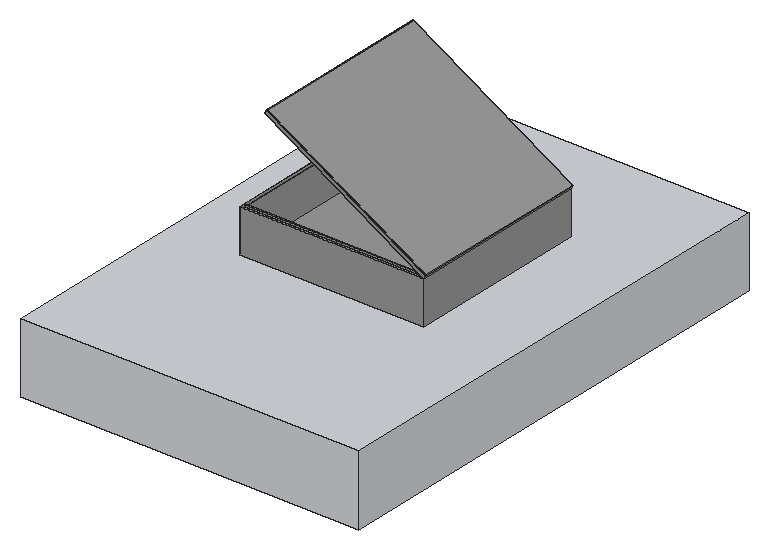
Revit family "Hager-Univers-IP44-D205-H800-Cl.II-Encl-FR-fr", category Equipement électrique, Revit 2020
Family settings
  Hôte = Face
  Configuration du panneau = Deux colonnes, circuits au sein
  Cote de connecteur circulaire = Utiliser le diamètre
  Type d'élément = Tableau de raccordement
  Couper avec des vides une fois chargée = Non
  Partagée = Non
  Point de calcul de pièce = Non
Parameters (values of type "saillie IP44 L800 H800 P205  - FP53QS")
  Width Control [instance] = if([EF000008 - largeur] > Min Width, [EF000008 - largeur], Min Width)  # 800 mm
  Commentaires du type = [HG000003 - Gamme]  # "Univers"
  Thickness Door [instance] = if([EF009171 - épaisseur de matériau de la porte/du couvercle] > 3 mm, 3 mm, [EF009171 - épaisseur de matériau de la porte/du couvercle])  # 1 mm
  Seal Frame Offset [instance] = 17 mm  # constant formula
  Plinth Visibility [instance] = [HG000027 - Hauteur du socle] > 0 mm  # no
  Model = ""
  Min Width [instance] = 100 mm  # constant formula
  Min Height [instance] = 100 mm  # constant formula
  Min Depth [instance] = (2 * [EF009170 - épaisseur de matériau du boîtier]) + 1 mm  # 3 mm
  Internal Frame Depth [instance] = (Door System Depth * 0.5)  # 9 mm
  Height Control [instance] = if([EF000040 - hauteur] > Min Height, [EF000040 - hauteur], Min Height)  # 800 mm
  HG000027 - Hauteur du socle = 0 mm
  HG000026 - Installation au sol = no
  HG000024 - Hauteur de la section basse = 800 mm
  HG000023 - Armoire double section = no
  HG000016 - Visibilité de la porte 3D [instance] = yes
  HG000015 - Visibilité de l'emprise de la porte [instance] = no
  HG000014 - Porte à droite [instance] = yes
  HG000013 - Porte à gauche [instance] = not([HG000014 - Porte à droite])  # no
  HG000012 - Angle de pivotement de la porte [instance] = 30.00°
  HG000010 - Portes asymétriques = no
  HG000009 - Porte à double battant = no
  HG000006 - Encastré = no
  HG000004 - Référence fabricant = "FP53QS"
  HG000003 - Gamme = "Univers"
  HG000002 - avec porte = yes
  Frame Offset Bottom [instance] = 10 mm  # constant formula
  Frame Offset [instance] = 15 mm  # constant formula
  EF015940 - couvercle avec décharge de pression = no
  EF011959 - degré de protection (NEMA) = ""
  EF009554 - nombre d'ouvertures pour plaques à bride = 6
  Fabricant = "Hager"  # constant formula
  EF009212 - finition du couvercle = "EV000116 - fermé"
  EF009171 - épaisseur de matériau de la porte/du couvercle = 1 mm
  EF009170 - épaisseur de matériau du boîtier = 1 mm
  EF008873 - courant nominal (In) = 250 A
  EF007800 - adapté à un parafoudre = no
  EF006306 - avec serrure = no
  EF006244 - couvercle/porte transparent(e) = no
  EF005474 - indice de protection (IP) = "EV006418 - IP44"
  EF004464 - type de porte = "EV002646 - unique"
  EF004427 - nombre de modules = 180
  EF004293 - indice de protection contre les chocs (IK) = "EV006815 - IK09"
  EF003532 - convient pour utilisation à l’extérieur = no
  EF002950 - largeur en nombre de modules = 36
  EF001613 - maintien de fonction = "EV000494 - sans"
  EF001596 - matériau du boîtier/corps = "EV000179 - acier"
  EF001131 - profondeur intérieure = 143 mm
  EF001088 - possibilité de montage en saillie = yes
  EF000437 - nombre d'entrées de conduit = 6
  EF000339 - type de capot = "EV001012 - couvercle"
  EF000266 - nombre de rangées = 5
  EF000218 - profondeur d'encastrement = 0 mm
  EF000118 - avec cadre/support de montage = no
  EF000116 - numéro RAL = "9010"
  EF000049 - profondeur = 205 mm
  EF000040 - hauteur = 800 mm
  EF000008 - largeur = 800 mm
  EF000007 - couleur = "EV000202 - blanc"
  EF000003 - mode de pose = "EV000384 - saillie"
  Door System Leaf Tolerance [instance] = 1.5 mm  # constant formula
  Door System Depth [instance] = 18 mm  # constant formula
  Door Height [instance] = Height Control - [HG000027 - Hauteur du socle]  # 800 mm
  Depth Control [instance] = if([EF000049 - profondeur] > Min Depth, [EF000049 - profondeur], Min Depth)  # 205 mm
  Default Elevation = 0 mm
  Connector Offset [instance] = Height Control / 2  # 400 mm
  Bottom Top Plate Trim [instance] = 1.5 mm  # constant formula
  Plinth height Ctrl [instance] = if([HG000027 - Hauteur du socle] > 0 mm, [HG000027 - Hauteur du socle], 12 mm)  # 12 mm
Types (3, lengths in mm): name | Width Control | HG000004 - Référence fabricant | EF009554 - nombre d'ouvertures pour plaques à bride | EF004427 - nombre de modules | EF002950 - largeur en nombre de modules | EF000437 - nombre d'entrées de conduit | EF000008 - largeur
  saillie IP44 L300 H800 P205  - FP51QS | 300 | "FP51QS" | 2 | 60 | 12 | 2 | 300
  saillie IP44 L550 H800 P205  - FP52QS | 550 | "FP52QS" | 4 | 120 | 24 | 4 | 550
  saillie IP44 L800 H800 P205  - FP53QS | 800 | "FP53QS" | 6 | 180 | 36 | 6 | 800
Reference planes
  plane 1 "Center (Front/Back)": y = 0
  plane 2: z = 0
  plane 3 "Center (Left/Right)": x = 0
  plane 4: z = 205
  plane 5: y = 1
  plane 6: y = 400
  plane 7: y = 0
  plane 8: y = 800
  plane 9: z = 0
  plane 10: x = -385
  plane 11: x = 385
  plane 12: x = 384
  plane 13: x = -384
  plane 14: y = 799
  plane 15: x = -383
  plane 16: x = -400
  plane 17: x = 383
  plane 18: x = 400
  plane 19: x = 399
  plane 20: x = -399
  plane 21: y = 11
  plane 22: y = 800
  plane 23: y = 784
  plane 24: z = 187
  plane 25: z = 1
  plane 26: z = 186
  plane 27: z = 204
Forms (mm)
  Extrusion 1, solid
    sketch origin (0, 0, 0) x (1, 0, 0) y (0, 1, 0)
      loop
        line (-702.964, 1305) -> (-702.964, -811.445) -> (766.763, -811.445) -> (766.763, 1305) -> (-702.964, 1305)
    from 0 to -304.8
  Extrusion 2, solid, material "Hager_Steel_RAL7035_Light_Grey", visible <- "Plinth Visibility", detail levels medium+fine
    sketch origin (0, 0, 0) x (1, 0, 0) y (0, 1, 0)
      loop
        line (-400, 0) -> (400, 0) -> (400, 12) -> (-400, 12) -> (-400, 0)
    from 0 to 187
  Extrusion 3, solid, material "Hager_Steel_RAL7035_Light_Grey", detail levels medium+fine
    sketch origin (0, 0, 0) x (1, 0, 0) y (0, 1, 0)
      loop
        line (-400, 0) -> (400, 0) -> (400, 800) -> (-400, 800) -> (-400, 0)
    from 0 to 187
  Extrusion 4, void
    sketch origin (0, 0, 0) x (1, 0, 0) y (0, 1, 0)
      loop
        line (-399, 1) -> (399, 1) -> (399, 799) -> (-399, 799) -> (-399, 1)
    from 1 to 186
  Extrusion 5, void
    sketch origin (-381.607, -4572, 187) x (0, -1, 0) y (-1, 0, 0)
      loop
        line (-4583, 2.393) -> (-5356, 2.393) -> (-5356, -765.607) -> (-4583, -765.607) -> (-4583, 2.393)
    from 0 to 1 <- "EF009170 - épaisseur de matériau du boîtier"
  Extrusion 6, solid, material "Hager_Steel_RAL7035_Light_Grey", detail levels fine
    sketch origin (0, 0, 187) x (1, 0, 0) y (0, 1, 0)
      loop
        line (-384, 784) -> (-384, 11) -> (384, 11) -> (384, 784) -> (-384, 784)
      loop
        line (-385, 10) -> (385, 10) -> (385, 785) -> (-385, 785) -> (-385, 10)
    from 0 to 9 <- "Internal Frame Depth"
  Extrusion 7, solid, material "Hager_Steel_RAL7035_Light_Grey", detail levels coarse
    sketch origin (0, 0, 0) x (1, 0, 0) y (0, 1, 0)
      loop
        line (-400, 0) -> (400, 0) -> (400, 800) -> (-400, 800) -> (-400, 0)
    from 0 to 205
  Sweep 8, void
    path in 3D
      loop
        line (-400, 12, 0) -> (400, 12, 0) -> (400, 12, 187) -> (-400, 12, 187) -> (-400, 12, 0)
    profile origin (-400, 12, 93.5) x (-1, 0, 0) y (0, -1, 0)
      loop
        line (0, 0) -> (0, 1.5) -> (-1.5, 1.5)
        arc (-1.5, 1.5) -> (-1.061, 0.439) -> (0, 0) r 1.5
Cuts and joins
  Extrusion 4, Extrusion 5 cuts Extrusion 3
  Sweep 8 cuts Extrusion 2
Lines and regions (mm)
  Masking region 1
    outline origin (0, 0, 0) x (1, 0, 0) y (0, 0, 1)
      loop
        line (-400, 205) -> (-400, 0) -> (400, 0) -> (400, 205) -> (-400, 205)
  Masking region 2, detail levels medium+fine
    outline origin (0, 140, 0) x (0, 1, 0) y (0, 0, 1)
      loop
        line (-140, 0) -> (660, 0) -> (660, 187) -> (-140, 187) -> (-140, 0)
  Masking region 3, not visible, detail levels medium+fine
    outline origin (0, 297.922, 0) x (0, 1, 0) y (0, 0, 1)
      loop
        line (113.578, 0) -> (153.578, 0) -> (153.578, 194)
        arc (153.578, 194) -> (150.649, 201.071) -> (143.578, 204) r 10
        line (143.578, 204) -> (113.578, 204) -> (113.578, 0)
  Masking region 4, detail levels coarse
    outline origin (0, 0, 180) x (0, 1, 0) y (0, 0, 1)
      loop
        line (0, -180) -> (800, -180) -> (800, 25) -> (0, 25) -> (0, -180)
  Masking region 5, visible <- "Plinth Visibility", detail levels medium+fine
    outline origin (0, 52.24, 12.345) x (0, 0, -1) y (0, 1, 0)
      loop
        line (10.845, -40.24) -> (-173.155, -40.24)
        arc (-173.155, -40.24) -> (-173.594, -41.301) -> (-174.655, -41.74) r 1.5
        line (-174.655, -41.74) -> (-174.655, -52.24) -> (12.345, -52.24) -> (12.345, -41.74)
        arc (12.345, -41.74) -> (11.285, -41.301) -> (10.845, -40.24) r 1.5
  Masking region 6, detail levels medium+fine
    outline origin (-381.607, -4572, 187) x (-1, 0, 0) y (0, -1, 0)
      loop
        line (18.393, -5372) -> (18.393, -4572) -> (-781.607, -4572) -> (-781.607, -5372) -> (18.393, -5372)
  Masking region 7, visible <- "Plinth Visibility", detail levels medium+fine
    outline origin (-381.607, -4727, 187) x (-1, 0, 0) y (0, -1, 0)
      loop
        arc (16.893, -4739) -> (17.332, -4737.939) -> (18.393, -4737.5) r 1.5
        line (18.393, -4737.5) -> (18.393, -4727) -> (-781.607, -4727) -> (-781.607, -4737.5)
        arc (-781.607, -4737.5) -> (-780.546, -4737.939) -> (-780.107, -4739) r 1.5
        line (-780.107, -4739) -> (16.893, -4739)
  Masking region 8, detail levels coarse
    outline origin (-442.548, -4669.526, 187) x (-1, 0, 0) y (0, -1, 0)
      loop
        line (-42.548, -5469.526) -> (-42.548, -4669.526) -> (-842.548, -4669.526) -> (-842.548, -5469.526) -> (-42.548, -5469.526)
  sketch lines
    curve 1: line (-400, 12, 187) -> (-400, 12, 0)
    curve 2: line (400, 12, 187) -> (-400, 12, 187)
    curve 3: line (400, 12, 187) -> (400, 12, 0)
    curve 4: line (-400, 12, 0) -> (400, 12, 0)
Dimensions and locks
  "Depth Control": plane 4 to Extrusion 1
  "HG000027 - Hauteur du socle": plane 1 "Center (Front/Back)" to plane 7
  "EF009170 - épaisseur de matériau du boîtier": plane 5 to plane 7
  locked: connector elem to plane 3 "Center (Left/Right)"
  equal spacing: plane 8, plane 6, plane 7
  locked: connector elem to plane 6
  "EF009170 - épaisseur de matériau du boîtier": plane 8 to plane 14
  "EF009170 - épaisseur de matériau du boîtier": plane 10 to plane 13
  "EF009170 - épaisseur de matériau du boîtier": plane 12 to plane 11
  "Frame Offset": plane 20 to plane 13
  "Frame Offset": plane 12 to plane 19
  "EF009170 - épaisseur de matériau du boîtier": plane 16 to plane 20
  "EF009170 - épaisseur de matériau du boîtier": plane 19 to plane 18
  "Seal Frame Offset": plane 16 to plane 15
  "Seal Frame Offset": plane 17 to plane 18
  "Frame Offset Bottom": plane 21 to plane 5
  "Frame Offset": plane 14 to plane 23
  equal spacing: plane 16, plane 3 "Center (Left/Right)", plane 18
  "Width Control": plane 16 to plane 18
  "EF009170 - épaisseur de matériau du boîtier": plane 4 to plane 27
  "EF009170 - épaisseur de matériau du boîtier": plane 24 to plane 26
  "EF009170 - épaisseur de matériau du boîtier": plane 25 to level
  "Door System Depth": plane 4 to plane 24
  "Height Control": plane 1 "Center (Front/Back)" to Extrusion 7 sketch curve
  "Height Control": Masking region 4 sketch curve to plane 1 "Center (Front/Back)"
  "Height Control": plane 1 "Center (Front/Back)" to plane 22
  "Bottom Top Plate Trim": profile plane to Sweep 8 sketch curve
  "Bottom Top Plate Trim": Sweep 8 sketch curve to profile plane
  "Plinth height Ctrl": plane 1 "Center (Front/Back)" to Extrusion 2 sketch curve
  "Plinth height Ctrl": Masking region 5 sketch curve to plane 1 "Center (Front/Back)"
  "Plinth height Ctrl": plane 1 "Center (Front/Back)" to Masking region 7 sketch curve
  "Thickness Door": Extrusion 6 sketch curve to Extrusion 6 sketch curve  (x3)
  "Thickness Door": cut or joined group of Extrusion 3, Extrusion 4, Extrusion 5 to Extrusion 6 sketch curve
  radius of Masking region 3 sketch curve = 10 mm
  "Bottom Top Plate Trim": radius of Masking region 5 sketch curve  (x2)
  "Bottom Top Plate Trim": radius of Sweep 8 sketch curve
  "Bottom Top Plate Trim": radius of Masking region 7 sketch curve  (x2)
  aligned and locked: plane 2 to Extrusion 1
  aligned and locked: level to Extrusion 1
  aligned and locked: level to Masking region 1 sketch curve
  aligned and locked: Masking region 1 sketch curve to plane 18
  aligned and locked: Masking region 1 sketch curve to plane 16
  aligned and locked: plane 7 to Masking region 2 sketch curve
  aligned and locked: level to Masking region 3 sketch curve
  aligned and locked: Masking region 3 sketch curve to plane 27
  aligned and locked: level to Masking region 2 sketch curve
  aligned and locked: plane 1 "Center (Front/Back)" to Extrusion 2 sketch curve
  aligned and locked: Extrusion 3 sketch curve to plane 7
  aligned and locked: plane 16 to Extrusion 3 sketch curve
  aligned and locked: plane 18 to Extrusion 3 sketch curve
  aligned and locked: plane 20 to Extrusion 4 sketch curve
  aligned and locked: plane 19 to Extrusion 4 sketch curve
  aligned and locked: Extrusion 4 sketch curve to plane 5
  aligned and locked: Extrusion 4 to plane 25
  aligned and locked: plane 26 to Extrusion 4
  aligned and locked: plane 24 to Extrusion 3
  aligned and locked: Extrusion 5 sketch curve to plane 21
  aligned and locked: Extrusion 5 sketch curve to plane 13
  aligned and locked: Extrusion 5 sketch curve to plane 12
  aligned and locked: plane 18 to Extrusion 7 sketch curve
  aligned and locked: plane 1 "Center (Front/Back)" to Extrusion 7 sketch curve
  aligned and locked: plane 16 to Extrusion 7 sketch curve
  aligned and locked: plane 4 to Extrusion 7
  aligned and locked: Extrusion 7 to level
  aligned and locked: level to Masking region 4 sketch curve
  aligned and locked: Masking region 4 sketch curve to plane 1 "Center (Front/Back)"
  aligned and locked: Masking region 4 sketch curve to plane 4
  aligned and locked: nested 1 to level
  aligned and locked: nested 1 to plane 16
  aligned and locked: plane 8 to Extrusion 3 sketch curve
  aligned and locked: plane 23 to Extrusion 5 sketch curve
  aligned and locked: plane 14 to Extrusion 4 sketch curve
  aligned and locked: Masking region 2 sketch curve to plane 8
  aligned and locked: level to Masking region 5 sketch curve
  aligned and locked: plane 16 to Extrusion 2 sketch curve
  aligned and locked: plane 18 to Extrusion 2 sketch curve
  aligned and locked: Masking region 5 sketch curve to plane 24
  aligned and locked: Masking region 2 sketch curve to plane 24
  aligned and locked: plane 24 to Extrusion 2
  aligned and locked: profile plane to Sweep 8 sketch curve  (x2)
  aligned and locked: Masking region 6 sketch curve to plane 18
  aligned and locked: Masking region 6 sketch curve to plane 22
  aligned and locked: Masking region 6 sketch curve to plane 16
  aligned and locked: plane 8 to plane 22
  aligned and locked: Masking region 6 sketch curve to plane 7
  aligned and locked: Masking region 7 sketch curve to plane 16
  aligned and locked: Masking region 7 sketch curve to plane 1 "Center (Front/Back)"
  aligned and locked: Masking region 7 sketch curve to plane 18
  aligned and locked: Masking region 8 sketch curve to plane 1 "Center (Front/Back)"
  aligned and locked: Masking region 8 sketch curve to plane 18
  aligned and locked: Masking region 8 sketch curve to plane 22
  aligned and locked: Masking region 8 sketch curve to plane 16
  aligned and locked: nested 2 to plane 7
  aligned and locked: plane 3 "Center (Left/Right)" to nested 2
  aligned and locked: nested 2 to plane 24
  aligned and locked: Extrusion 6 sketch curve to cut or joined group of Extrusion 3, Extrusion 4, Extrusion 5  (x4)
Automatic sketch dimensions
  Extrusion 1 sketch curve to Extrusion 1 sketch curve = 1469.727 mm
  Extrusion 1 sketch curve to Extrusion 1 sketch curve = 2116.445 mm
  Masking region 1 sketch curve to plane 4 = 0 mm
  plane 6 to Masking region 3 sketch curve = 11.5 mm
  Masking region 3 sketch curve to Masking region 3 sketch curve = 30 mm
  Masking region 5 sketch curve to plane 1 "Center (Front/Back)" = 0 mm
Nested families
  nested 1: "Hager_Enclosure_Symbol" at (-400, 0, 0) x (1, 0, 0) z (0, -1, 0), Height <- "Depth Control", Width <- "Width Control", type "Hager_Enclosure_Symbol"
    with Width_Ctrl 800 mm, Width 800 mm, Height_Ctrl 205 mm, Height 205 mm, A_Width_Int 13.453 mm, A_Width 161.438 mm, A_Height_Ctrl 179.375 mm, A_Height 179.375 mm
  nested 2: "EC000058_Univers_Door" at (0, 0, 187) x (1, 0, 0) z (0, 1, 0), Leaf_Tolerance <- "Door System Leaf Tolerance", Angle <- "HG000012 - Angle de pivotement de la porte", Door_Depth <- "Door System Depth", Door_Left <- "HG000013 - Porte à gauche", Transparent <- "EF006244 - couvercle/porte transparent(e)", Assymetrical <- "HG000010 - Portes asymétriques", Width <- "Width Control", Clearance <- "HG000015 - Visibilité de l'emprise de la porte", Double <- "HG000009 - Porte à double battant", 3d_Door <- "HG000016 - Visibilité de la porte 3D", Lock_Visibility <- "EF006306 - avec serrure", Width_Ctrl <- "Width Control", Door_Right <- "HG000014 - Porte à droite", Door <- "HG000002 - avec porte", Height <- "Door Height", Thickness <- "Thickness Door", type "EC000058_Univers_Door", detail levels medium+fine
    with min_wh 3 mm, Width_Ctrl 800 mm, Width 800 mm, Transparent no, Thickness 1 mm, Seal_Material Hager_Rubber, Lock_Visibility no, Lock_Material Hager_Plastic_RAL9005_Jet_Black, Leaf_Width 800 mm, Leaf_Tolerance_External_Sides 0 mm, Leaf_Tolerance 1.5 mm, Leaf_Offset 0 mm, Leaf_Height 797 mm, Leaf_2_Width 800 mm, Leaf_2_Offset 400 mm, Leaf_1_Width 800 mm, Leaf_1_Offset 400 mm, Height_Ctrl 800 mm, Height 800 mm, Glass_Material Hager_Glass, Double_Clearance_Ctrl no, Double no, Door_Right_Ctrl yes, Door_Right yes, Door_Material Hager_Steel_RAL7035_Light_Grey, Door_Left_Ctrl no, Door_Left no, Door_Depth 18 mm, Door yes, Clearance_Material Hager_Clearance, Clearance_Depth 800 mm, Clearance_Ctrl no, Clearance no, Assymetrical no, Angle 30.00°, 3d_Door yes
Connectors
  electrical at (0, 400, 0)
    settings: on plane 9, index 1, voltage 0 V, apparent load 0 VA, apparent load phase1 0 VA, apparent load phase2 0 VA, apparent load phase3 0 VA, power factor 1, load classification "Other", number of poles 1, system type 30, power factor state 1, is connector primary yes, connector utility no, sub classification motor no, connector description ""
Definition of nested family "EC000058_Univers_Door"
  Parameters (values of type "EC000058_Univers_Door")
    min_wh [instance] = (2 * Thickness) + 1 mm  # 11 mm
    Width_Ctrl [instance] = 400 mm
    Width [instance] = 500 mm
    Transparent [instance] = yes
    Thickness [instance] = 5 mm
    Seal_Material [instance] = none
    Lock_Visibility [instance] = yes
    Lock_Material [instance] = none
    Leaf_Width [instance] = if((Width_Ctrl - 2 * Leaf_Tolerance_External_Sides) > 0 mm, (Width_Ctrl - 2 * Leaf_Tolerance_External_Sides), min_wh)  # 400 mm
    Leaf_Tolerance_External_Sides [instance] = 0 mm  # constant formula
    Leaf_Tolerance [instance] = 1.5 mm
    Leaf_Offset [instance] = 0 mm  # constant formula
    Leaf_Height [instance] = if((Height_Ctrl - 2 * Leaf_Tolerance) > 0 mm, (Height_Ctrl - 2 * Leaf_Tolerance), min_wh)  # 497 mm
    Leaf_2_Width [instance] = if(and(and(Double, Assymetrical), Door_Left), (Leaf_Width / 3) - (Leaf_Tolerance / 2), if(and(and(Double, Assymetrical), Door_Right), (Leaf_Width / 3) * 2 - (Leaf_Tolerance / 2), if(and(Double, not(Assymetrical)), (Leaf_Width / 2) - Leaf_Tolerance, Leaf_Width)))  # 400 mm
    Leaf_2_Offset [instance] = if(and(Double, Assymetrical), Leaf_2_Width / 2, if(and(Double, not(Assymetrical)), Leaf_Width / 4, Leaf_Width / 2))  # 200 mm
    Leaf_1_Width [instance] = if(and(and(Double, Assymetrical), Door_Right), (Leaf_Width / 3) - (Leaf_Tolerance / 2), if(and(and(Double, Assymetrical), Door_Left), (Width / 3) * 2 - (Leaf_Tolerance / 2), if(and(Double, not(Assymetrical)), (Leaf_Width / 2) - Leaf_Tolerance, Leaf_Width)))  # 400 mm
    Leaf_1_Offset [instance] = if(and(Double, Assymetrical), Leaf_1_Width / 2, if(and(Double, not(Assymetrical)), Leaf_Width / 4, Leaf_Width / 2))  # 200 mm
    Height_Ctrl [instance] = if(Height > min_wh, Height, min_wh)  # 500 mm
    Height [instance] = 500 mm
    Glass_Material [instance] = none
    Double_Clearance_Ctrl [instance] = and(Double, Clearance)  # no
    Double [instance] = no
    Door_Right_Ctrl [instance] = and(or(Door_Right, Double), Door)  # yes
    Door_Right [instance] = yes
    Door_Material [instance] = none
    Door_Left_Ctrl [instance] = and(or(Door_Left, Double), Door)  # no
    Door_Left [instance] = no
    Door_Depth [instance] = 30 mm
    Door [instance] = yes
    Default Elevation = 1219.2 mm
    Clearance_Material [instance] = none
    Clearance_Depth [instance] = if(Leaf_1_Width > Leaf_2_Width, Leaf_1_Width, Leaf_2_Width)  # 400 mm
    Clearance_Ctrl [instance] = and(not(Double), Clearance)  # yes
    Clearance [instance] = yes
    Assymetrical [instance] = yes
    Angle [instance] = 30.00°
    3d_Door [instance] = yes
  Reference planes
    plane 1 "Center (Front/Back)": y = 0
    plane 2 "Bottom": z = 0
    plane 3 "Center (Left/Right)": x = 0
    plane 4: z = 500
    plane 5: x = -200
    plane 6: x = 200
    plane 7: z = 500
    plane 8: x = -200
    plane 9: z = 0
    plane 10: x = 200
    plane 11: y = 0
    plane 12: z = 1.5
    plane 13: x = -600
    plane 14: y = -400
    plane 15: x = 600
    plane 16: x = 0
    plane 17: x = 0
    plane 18: x = -200
    plane 19: x = 200
    plane 20: z = 498.5
  Forms (mm)
    Extrusion 1, solid, material <- "Clearance_Material", visible <- "Double_Clearance_Ctrl"
      sketch origin (1200, 0, 0) x (1, 0, 0) y (0, 0, -1)
        loop
          line (-1800, -498.5) -> (-600, -498.5) -> (-600, 0) -> (-1800, 0) -> (-1800, -498.5)
      from 0 to -400
  Dimensions and locks
    equal spacing: plane 5, plane 3 "Center (Left/Right)", plane 6
    "Width_Ctrl": plane 5 to plane 6
    "Leaf_Offset": plane 5 to plane 8
    "Leaf_Offset": plane 6 to plane 10
    "Leaf_Offset": plane 9 to level
    "Leaf_Offset": plane 4 to plane 7
    "Height_Ctrl": plane 4 to level
    "Leaf_Tolerance": plane 12 to plane 9
    locked: plane 11 to plane 1 "Center (Front/Back)"
    "Leaf_1_Offset": plane 18 to plane 16
    "Leaf_2_Offset": plane 17 to plane 19
    "Leaf_1_Width": plane 13 to plane 8
    "Leaf_2_Width": plane 10 to plane 15
    "Clearance_Depth": plane 14 to plane 1 "Center (Front/Back)"
    "Leaf_Tolerance_External_Sides": plane 8 to plane 18
    "Leaf_Tolerance_External_Sides": plane 19 to plane 10
    "Leaf_Tolerance": plane 7 to plane 20
    aligned and locked: level to plane 2 "Bottom"
    aligned and locked: nested 1 to plane 16
    aligned and locked: nested 2 to plane 17
    aligned and locked: Extrusion 1 to plane 13
    aligned and locked: plane 15 to Extrusion 1
    aligned and locked: Extrusion 1 to plane 14
    aligned and locked: plane 12 to nested 1
    aligned and locked: nested 2 to plane 12
    aligned and locked: Extrusion 1 to plane 11
    aligned and locked: plane 20 to Extrusion 1
    aligned and locked: nested 2 to plane 11
    aligned and locked: nested 1 to plane 11
  Automatic sketch dimensions
    Extrusion 1 sketch curve to level = 0 mm
    plane 5 to Extrusion 1 sketch curve = 400 mm
    plane 6 to Extrusion 1 sketch curve = 400 mm
    Extrusion 1 sketch curve to plane 4 = 1.5 mm
  Nested families
    nested 1: "EC000058_Univers_Door_Leaf" at (0, 0, 1.5), Width <- "Leaf_1_Width", visible <- "Door_Left_Ctrl", Leaf_Height <- "Leaf_Height", Angle <- "Angle", 3d_Door <- "3d_Door", Transparent <- "Transparent", Clearance Material <- "Clearance_Material", Clearance <- "Clearance_Ctrl", Door_Material <- "Door_Material", Glass_Material <- "Glass_Material", Door_Depth <- "Door_Depth", Lock_Material <- "Lock_Material", Seal_Material <- "Seal_Material", Lock_Visibility <- "Lock_Visibility", Thickness <- "Thickness", type "EC000058_Univers_Door_Leaf"
      with Width 400 mm, Transparent_Glass_Offset 30 mm, Transparent_Ctrl yes, Transparent yes, Thickness 5 mm, Standard no, Seal_Material none, Seal_D2 8 mm, Seal_D1 1 mm, Offset_Internal_Frame 10 mm, Lock_Width 20 mm, Lock_Visibility_3d yes, Lock_Visibility yes, Lock_Thickness_3 3 mm, Lock_Thickness_2 1 mm, Lock_Thickness_1 3 mm, Lock_Radius_Offset_2 16 mm, Lock_Radius_Offset_1 15 mm, Lock_Radius_2 5 mm, Lock_Radius 6 mm, Lock_Offset 5 mm, Lock_Material none, Lock_Height 80 mm, Lock_Cover_Top_Offset_2d 17 mm, Lock_Cover_Height -65 mm, Leaf_Height 497 mm, Internal_Seal_Thickness 8 mm, Internal_Seal_Depth_2 4.5 mm, Internal_Frame_Depth 25 mm, Glass_Thickness -1 mm, Glass_Offset -2 mm, Glass_Material none, Door_Material none, Door_Depth 30 mm, Clearance Material none, Clearance yes, Angle_Ctrl 30.00°, Angle 30.00°, 3d_Door yes
    nested 2: "EC000058_Univers_Door_Leaf" at (0, 0, 1.5) x (-1, 0, 0) z (0, 0, 1), Width <- "Leaf_2_Width", visible <- "Door_Right_Ctrl", Leaf_Height <- "Leaf_Height", Angle <- "Angle", 3d_Door <- "3d_Door", Transparent <- "Transparent", Clearance Material <- "Clearance_Material", Clearance <- "Clearance_Ctrl", Door_Material <- "Door_Material", Glass_Material <- "Glass_Material", Door_Depth <- "Door_Depth", Lock_Material <- "Lock_Material", Seal_Material <- "Seal_Material", Lock_Visibility <- "Lock_Visibility", Thickness <- "Thickness", type "EC000058_Univers_Door_Leaf"
      with Width 400 mm, Transparent_Glass_Offset 30 mm, Transparent_Ctrl yes, Transparent yes, Thickness 5 mm, Standard no, Seal_Material none, Seal_D2 8 mm, Seal_D1 1 mm, Offset_Internal_Frame 10 mm, Lock_Width 20 mm, Lock_Visibility_3d yes, Lock_Visibility yes, Lock_Thickness_3 3 mm, Lock_Thickness_2 1 mm, Lock_Thickness_1 3 mm, Lock_Radius_Offset_2 16 mm, Lock_Radius_Offset_1 15 mm, Lock_Radius_2 5 mm, Lock_Radius 6 mm, Lock_Offset 5 mm, Lock_Material none, Lock_Height 80 mm, Lock_Cover_Top_Offset_2d 17 mm, Lock_Cover_Height -65 mm, Leaf_Height 497 mm, Internal_Seal_Thickness 8 mm, Internal_Seal_Depth_2 4.5 mm, Internal_Frame_Depth 25 mm, Glass_Thickness -1 mm, Glass_Offset -2 mm, Glass_Material none, Door_Material none, Door_Depth 30 mm, Clearance Material none, Clearance yes, Angle_Ctrl 30.00°, Angle 30.00°, 3d_Door yes
  Definition of nested family "EC000058_Univers_Door_Leaf"
    Parameters (values of type "EC000058_Univers_Door_Leaf")
      Width [instance] = 2000 mm
      Transparent_Glass_Offset [instance] = 30 mm
      Transparent_Ctrl [instance] = and(Transparent, [3d_Door])  # yes
      Transparent [instance] = yes
      Thickness [instance] = 5 mm
      Standard [instance] = and(not(Transparent), [3d_Door])  # no
      Seal_Material [instance] = none
      Seal_D2 [instance] = 8 mm  # constant formula
      Seal_D1 [instance] = 1 mm  # constant formula
      Offset_Internal_Frame [instance] = 10 mm  # constant formula
      Lock_Width [instance] = 20 mm  # constant formula
      Lock_Visibility_3d [instance] = and(Lock_Visibility, [3d_Door])  # yes
      Lock_Visibility [instance] = yes
      Lock_Thickness_3 [instance] = 3 mm  # constant formula
      Lock_Thickness_2 [instance] = 1 mm  # constant formula
      Lock_Thickness_1 [instance] = 3 mm  # constant formula
      Lock_Radius_Offset_2 [instance] = Lock_Radius_Offset_1 + 1 mm  # 16 mm
      Lock_Radius_Offset_1 [instance] = 15 mm  # constant formula
      Lock_Radius_2 [instance] = Lock_Radius - 1 mm  # 5 mm
      Lock_Radius [instance] = 6 mm  # constant formula
      Lock_Offset [instance] = 5 mm  # constant formula
      Lock_Material [instance] = none
      Lock_Height [instance] = 80 mm  # constant formula
      Lock_Cover_Top_Offset_2d [instance] = Lock_Radius_Offset_2 + 1 mm  # 17 mm
      Lock_Cover_Height [instance] = -(Lock_Height - Lock_Radius_Offset_1)  # -65 mm
      Leaf_Height [instance] = 2720.336 mm
      Internal_Seal_Thickness [instance] = 8 mm  # constant formula
      Internal_Seal_Depth_2 [instance] = 4.5 mm  # constant formula
      Internal_Frame_Depth [instance] = if(Door_Depth - Thickness > 5 mm, Door_Depth - Thickness, 5 mm)  # 25 mm
      Glass_Thickness [instance] = if(Thickness > 15 mm, Glass_Offset + 10 mm, -1 mm)  # -1 mm
      Glass_Offset [instance] = if(Thickness > 15 mm, -(Thickness + 10 mm) / 2, -2 mm)  # -2 mm
      Glass_Material [instance] = none
      Door_Material [instance] = none
      Door_Depth [instance] = 30 mm
      Default Elevation = 0 mm
      Clearance Material [instance] = none
      Clearance [instance] = yes
      Angle_Ctrl [instance] = if(Angle > 180.00°, 180.00°, Angle)  # 90.00°
      Angle [instance] = 90.00°
      3d_Door [instance] = yes
    Reference planes
      plane 1 "Center (Front/Back)": y = 0
      plane 2: z = 0
      plane 3 "Center (Left/Right)": x = 0
      plane 4: y = 2000
      plane 5: x = -1000
      plane 6: x = 1000
      plane 7: x = -3000
      plane 8: z = 2720.336
      plane 9: z = 30
      plane 10: z = 2690.336
      plane 11: x = 970
      plane 12: x = -970
      plane 13: y = -3
      plane 14: z = 107.833
      plane 15: y = -5
      plane 16: y = -223.314
      plane 17: x = -1000
      plane 18: z = 1360.168
      plane 19: y = 30
    Forms (mm)
      Extrusion 1, solid, material <- "Clearance Material", visible <- "Clearance"
        sketch origin (0, 0, 0) x (1, 0, 0) y (0, 0, 1)
          loop
            line (-3000, 2720.336) -> (-3000, 0) -> (1000, 0) -> (1000, 2720.336) -> (-3000, 2720.336)
        from 0 to -2000
      Extrusion 2, solid, material <- "Door_Material", visible <- "Standard", detail levels medium+fine
        sketch origin (-1000, 0, 0) x (0, 1, 0) y (-1, 0, 0)
          loop
            line (0, 30) -> (0, 25) -> (2000, 25) -> (2000, 30) -> (0, 30)
        from 0 to 2720.336 <- "Leaf_Height"
      Extrusion 3, solid, material <- "Door_Material", visible <- "Transparent_Ctrl", detail levels medium+fine
        sketch origin (-1000, 0, 0) x (0, 1, 0) y (-1, 0, 0)
          loop
            line (0, 25) -> (2000, 25) -> (2000, 30) -> (0, 30) -> (0, 25)
        from 0 to 2720.336 <- "Leaf_Height"
      Extrusion 4, void
        sketch origin (-1025, 2000, 0) x (0, 1, 0) y (0, 0, -1)
          loop
            line (-30, -2690.336) -> (-30, -30) -> (-1970, -30) -> (-1970, -2690.336) -> (-30, -2690.336)
        from 0 to 5 <- "Thickness"
      Sweep 5, solid, material <- "Seal_Material", visible <- "Transparent_Ctrl", detail levels fine
        path in 3D
          loop
            line (-1025, 30, 30) -> (-1025, 30, 2690.336) -> (-1025, 1970, 2690.336) -> (-1025, 1970, 30) -> (-1025, 30, 30)
        profile origin (-1025, 1000, 30) x (1, 0, 0) y (0, 0, 1)
          loop
            line (0, 0) -> (0, -8) -> (1, -8) -> (1, 0) -> (0, 0)
      Extrusion 6, solid, material <- "Glass_Material", visible <- "Transparent_Ctrl", detail levels medium+fine
        sketch origin (-1030, 0, 0) x (0, 1, 0) y (0, 0, -1)
          loop
            line (1970, -2690.336) -> (1970, -30) -> (30, -30) -> (30, -2690.336) -> (1970, -2690.336)
        from -2 <- "Glass_Offset" to -1 <- "Glass_Thickness"
      Extrusion 7, solid, material <- "Door_Material", visible <- "3d_Door", detail levels medium+fine
        sketch origin (-1025, 2000, 0) x (0, -1, 0) y (0, 0, -1)
          loop
            line (0, -2720.336) -> (2000, -2720.336) -> (2000, 0) -> (0, 0) -> (0, -2720.336)
          loop
            line (1995, -5) -> (5, -5) -> (5, -2715.336) -> (1995, -2715.336) -> (1995, -5)
        from 0 to 25 <- "Internal_Frame_Depth"
      Sweep 8, solid, material <- "Seal_Material", visible <- "Transparent_Ctrl", detail levels fine
        path in 3D
          loop
            line (-1025, 0, 0) -> (-1025, 2000, 0) -> (-1025, 2000, 2720.336) -> (-1025, 0, 2720.336) -> (-1025, 0, 0)
        profile origin (-1025, 0, 1360.168) x (1, 0, 0) y (0, 1, 0)
          loop
            line (0, 10) -> (2.975, 10)
            arc (2.975, 10) -> (4.053, 10.447) -> (4.5, 11.525) r 1.525
            line (4.5, 11.525) -> (4.5, 16.527)
            arc (4.5, 16.527) -> (4.069, 17.569) -> (3.027, 18) r 1.473
            line (3.027, 18) -> (0, 18) -> (0, 10)
      Extrusion 9, solid, material <- "Lock_Material", visible <- "Lock_Visibility_3d", detail levels fine
        sketch origin (-1030, 0, 0) x (0, 1, 0) y (0, 0, -1)
          loop
            arc (1993.5, -1400.168) -> (1994.561, -1399.729) -> (1995, -1398.668) r 1.5
            line (1995, -1398.668) -> (1995, -1320.168) -> (1975, -1320.168) -> (1975, -1398.668)
            arc (1975, -1398.668) -> (1975.439, -1399.729) -> (1976.5, -1400.168) r 1.5
            line (1976.5, -1400.168) -> (1993.5, -1400.168)
        from 3 <- "Lock_Thickness_1" to 0
      Blend 10, solid, material <- "Lock_Material", visible <- "Lock_Visibility_3d", detail levels fine
        base sketch origin (-1033, 0, 0) x (0, 1, 0) y (0, 0, -1)
          loop
            line (1975, -1320.168) -> (1975, -1398.668)
            arc (1975, -1398.668) -> (1975.439, -1399.729) -> (1976.5, -1400.168) r 1.5
            line (1976.5, -1400.168) -> (1993.5, -1400.168)
            arc (1993.5, -1400.168) -> (1994.561, -1399.729) -> (1995, -1398.668) r 1.5
            line (1995, -1398.668) -> (1995, -1320.168) -> (1975, -1320.168)
        top sketch origin (-1033, 0, 0) x (0, 1, 0) y (0, 0, -1)
          loop
            line (1976, -1320.168) -> (1976, -1398.668)
            arc (1976, -1398.668) -> (1976.146, -1399.022) -> (1976.5, -1399.168) r 0.5
            line (1976.5, -1399.168) -> (1993.5, -1399.168)
            arc (1993.5, -1399.168) -> (1993.854, -1399.022) -> (1994, -1398.668) r 0.5
            line (1994, -1398.668) -> (1994, -1320.168) -> (1976, -1320.168)
        from 0 to 1 <- "Lock_Thickness_2"
      Blend 11, solid, material <- "Lock_Material", visible <- "Lock_Visibility_3d", detail levels fine
        base sketch origin (-1034, 0, 0) x (0, 1, 0) y (0, 0, -1)
          loop
            line (1978, -1320.168) -> (1978, -1384.168)
            arc (1978, -1384.168) -> (1985, -1391.168) -> (1992, -1384.168) r 7
            line (1992, -1384.168) -> (1992, -1320.168) -> (1978, -1320.168)
        top sketch origin (-1034, 0, 0) x (0, 1, 0) y (0, 0, -1)
          loop
            line (1991, -1320.168) -> (1979, -1320.168) -> (1979, -1383.168)
            arc (1979, -1383.168) -> (1985, -1389.168) -> (1991, -1383.168) r 6
            line (1991, -1383.168) -> (1991, -1320.168)
        from 0 to 3 <- "Lock_Thickness_3"
      Extrusion 12, solid, material <- "Lock_Material", visible <- "Lock_Visibility_3d", detail levels fine
        sketch origin (-1030, 1975, 1320.168) x (1, 0, 0) y (0, -1, 0)
          loop
            line (-7, -19) -> (-7, -1) -> (0, -1) -> (0, 0) -> (-8, 0) -> (-8, -20) -> (0, -20) -> (0, -19) -> (-7, -19)
        from 0 to -65 <- "Lock_Cover_Height"
      Extrusion 13, void
        sketch origin (-1038, 1995, 1320.168) x (-1, 0, 0) y (0, 0, -1)
          loop
            line (-5, -65) -> (0, -65) -> (-5, -60) -> (-5, -65)
        from 0 to 20 <- "Lock_Width"
      Extrusion 14, void
        sketch origin (-1038, 1975, 1320.168) x (0, -1, 0) y (0, 0, -1)
          loop
            circle (-10, -15.995) r 6
          loop
            circle (-10, -15.995) r 5
        from 0 to 2
      Extrusion 15, solid, material <- "Lock_Material", visible <- "Lock_Visibility_3d", detail levels medium
        sketch origin (-1030, 0, 0) x (0, 1, 0) y (0, 0, -1)
          loop
            arc (1993.5, -1400.168) -> (1994.561, -1399.729) -> (1995, -1398.668) r 1.5
            line (1995, -1398.668) -> (1995, -1320.168) -> (1975, -1320.168) -> (1975, -1398.668)
            arc (1975, -1398.668) -> (1975.439, -1399.729) -> (1976.5, -1400.168) r 1.5
            line (1976.5, -1400.168) -> (1993.5, -1400.168)
        from 8 to 0
    Cuts and joins
      Extrusion 4 cuts Extrusion 3
      Extrusion 13, Extrusion 14 cuts Extrusion 9
      Extrusion 14 cuts Blend 11
      Extrusion 13, Extrusion 14 cuts Extrusion 12
      joined: Extrusion 9, Blend 10, Blend 11, Extrusion 12
      Extrusion 14 cuts Extrusion 15
    Lines and regions (mm)
      Masking region 1, visible <- "Lock_Visibility", detail levels fine
        outline origin (0, 0, 0) x (0, 1, 0) y (0, 0, 1)
          loop
            line (30, 1320.168) -> (33, 1320.168) -> (33, 1400.168) -> (30, 1400.168) -> (30, 1320.168)
      Masking region 2, visible <- "Lock_Visibility", detail levels fine
        outline origin (0, 3.143, 0) x (0, 1, 0) y (0, 0, 1)
          loop
            line (29.857, 1354.168) -> (30.857, 1354.168) -> (30.857, 1366.168) -> (29.857, 1366.168) -> (29.857, 1354.168)
      Masking region 3, detail levels medium+fine
        outline origin (0, 0, 0) x (0, 1, 0) y (0, 0, 1)
          loop
            line (0, 0) -> (30, 0) -> (30, 2720.336) -> (0, 2720.336) -> (0, 0)
      Masking region 4, detail levels medium+fine
        outline origin (0, 0, 0) x (1, 0, 0) y (0, 0, 1)
          loop
            line (-1000, 2720.336) -> (-1000, 0) -> (1000, 0) -> (1000, 2720.336) -> (-1000, 2720.336)
      Masking region 5, visible <- "Lock_Visibility", detail levels fine
        outline origin (-47.116, 0, 0) x (1, 0, 0) y (0, 0, 1)
          loop
            arc (1024.616, 1399.168) -> (1023.556, 1398.729) -> (1023.116, 1397.668) r 1.5
            line (1023.116, 1397.668) -> (1023.116, 1320.168) -> (1041.116, 1320.168) -> (1041.116, 1397.668)
            arc (1041.116, 1397.668) -> (1040.677, 1398.729) -> (1039.616, 1399.168) r 1.5
            line (1039.616, 1399.168) -> (1024.616, 1399.168)
      Masking region 6, visible <- "Lock_Visibility", detail levels medium+fine
        outline origin (-25, 0, 0) x (1, 0, 0) y (0, 0, 1)
          loop
            arc (1001.5, 1400.168) -> (1000.439, 1399.729) -> (1000, 1398.668) r 1.5
            line (1000, 1398.668) -> (1000, 1320.168) -> (1020, 1320.168) -> (1020, 1398.668)
            arc (1020, 1398.668) -> (1019.561, 1399.729) -> (1018.5, 1400.168) r 1.5
            line (1018.5, 1400.168) -> (1001.5, 1400.168)
      Masking region 7, visible <- "Lock_Visibility", detail levels fine
        outline origin (-73.735, 0, 0) x (1, 0, 0) y (0, 0, 1)
          loop
            line (1051.735, 1382.168) -> (1065.735, 1382.168) -> (1065.735, 1384.168)
            arc (1065.735, 1384.168) -> (1058.735, 1391.168) -> (1051.735, 1384.168) r 7
            line (1051.735, 1384.168) -> (1051.735, 1382.168)
      Masking region 8, visible <- "Lock_Visibility", detail levels fine
        outline origin (-73.735, 0, 0) x (1, 0, 0) y (0, 0, 1)
          loop
            line (1052.735, 1382.168) -> (1064.735, 1382.168) -> (1064.735, 1383.168)
            arc (1064.735, 1383.168) -> (1058.735, 1389.168) -> (1052.735, 1383.168) r 6
            line (1052.735, 1383.168) -> (1052.735, 1382.168)
      Masking region 9, visible <- "Lock_Visibility", detail levels fine
        outline origin (-25, 0, 0) x (1, 0, 0) y (0, 0, 1)
          loop
            line (1020, 1320.168) -> (1020, 1382.168) -> (1000, 1382.168) -> (1000, 1320.168) -> (1020, 1320.168)
      Masking region 10, detail levels medium+fine
        outline origin (0, 0, 0) x (1, 0, 0) y (0, 0, 1)
          loop
            circle (985, 1335.144) r 6
      Masking region 11, detail levels fine
        outline origin (0, 0, 0) x (1, 0, 0) y (0, 0, 1)
          loop
            circle (985, 1335.144) r 5
      Masking region 12, visible <- "Lock_Visibility", detail levels fine
        outline origin (0, 12.767, 0) x (0, 1, 0) y (0, 0, 1)
          loop
            line (20.233, 1320.168) -> (21.233, 1320.168) -> (21.233, 1399.168) -> (20.233, 1400.168) -> (20.233, 1320.168)
      Masking region 13, visible <- "Lock_Visibility", detail levels fine
        outline origin (0, 13.767, -10) x (0, 1, 0) y (0, 0, 1)
          loop
            line (20.233, 1330.168) -> (23.233, 1330.168) -> (23.233, 1399.168) -> (20.233, 1402.168) -> (20.233, 1330.168)
      Masking region 14, visible <- "Lock_Visibility", detail levels fine
        outline origin (0, 12.767, -10) x (0, 1, 0) y (0, 0, 1)
          loop
            line (20.233, 1330.168) -> (25.233, 1330.168) -> (25.233, 1399.305) -> (20.233, 1394.305) -> (20.233, 1330.168)
      Masking region 15, visible <- "Lock_Visibility", detail levels medium
        outline origin (0, 0, 0) x (0, 1, 0) y (0, 0, 1)
          loop
            line (30, 1320.168) -> (38, 1320.168) -> (38, 1400.168) -> (30, 1400.168) -> (30, 1320.168)
      Masking region 16, visible <- "Lock_Visibility", detail levels fine
        outline origin (-1000, 0, 0) x (0, 1, 0) y (-1, 0, 0)
          loop
            line (1975, 30) -> (1995, 30) -> (1995, 38) -> (1975, 38) -> (1975, 30)
          loop
            line (1979, 37) -> (1976, 37) -> (1976, 34) -> (1978, 34) -> (1979, 37)
          loop
            line (1994, 37) -> (1991, 37) -> (1992, 34) -> (1994, 34) -> (1994, 37)
      Masking region 17, visible <- "Lock_Visibility", detail levels medium
        outline origin (-1000, 0, 0) x (0, 1, 0) y (-1, 0, 0)
          loop
            line (1975, 30) -> (1995, 30) -> (1995, 38) -> (1975, 38) -> (1975, 30)
      symbolic lines
        curve 1: line (1000, 0, 0) -> (-3000, 0, 0)
        curve 2: arc (1000, 0, 0) -> (-1000, 2000, 0) -> (-3000, 0, 0) r 2000
        curve 4: line (-1030, 0, 0) -> (-1030, 2000, 0)
      reference lines
        curve 3: line (-1000, 0, 0) -> (-1000, 2000, 0)
      symbolic lines, detail levels medium+fine
        curve 5: line (-1030, 2000, 0) -> (-1025, 2000, 0)
        curve 7: line (-1025, 0, 0) -> (-1030, 0, 0)
        curve 8: line (-1025, 0, 0) -> (-1000, 0, 0)
        curve 9: line (-1000, 0, 0) -> (-1000, 2000, 0)
        curve 10: line (-1000, 2000, 0) -> (-1025, 2000, 0)
      symbolic lines, detail levels fine
        curve 6: line (-1025, 2000, 0) -> (-1025, 0, 0)
      sketch lines
        curve 11: line (-1025, 0, 2720.336) -> (-1025, 0, 0)
        curve 12: line (-1025, 2000, 0) -> (-1025, 0, 0)
        curve 13: line (-1025, 2000, 2720.336) -> (-1025, 2000, 0)
        curve 14: line (-1025, 0, 2720.336) -> (-1025, 2000, 2720.336)
        curve 15: line (-1025, 1970, 30) -> (-1025, 30, 30)
        curve 16: line (-1025, 30, 30) -> (-1025, 30, 2690.336)
        curve 17: line (-1025, 1970, 2690.336) -> (-1025, 1970, 30)
        curve 18: line (-1025, 30, 2690.336) -> (-1025, 1970, 2690.336)
      symbolic lines, visible <- "Transparent", detail levels medium+fine
        curve 19: line (-970, 0, 2690.336) -> (970, 0, 2690.336)
        curve 20: line (-970, 0, 30) -> (-970, 0, 2690.336)
        curve 21: line (970, 0, 30) -> (-970, 0, 30)
        curve 22: line (970, 0, 2690.336) -> (970, 0, 30)
    Dimensions and locks
      "Width": plane 1 "Center (Front/Back)" to plane 4
      equal spacing: plane 5, plane 3 "Center (Left/Right)", plane 6
      "Width": plane 5 to plane 6
      "Width": plane 7 to plane 5
      "Leaf_Height": plane 8 to level
      "Width": curve 5 to curve 3
      "Width": curve 3 to curve 3
      plane 8 to plane 10 = 30 mm
      plane 9 to level = 30 mm
      plane 12 to plane 5 = 30 mm
      plane 6 to plane 11 = 30 mm
      Extrusion 1 to Extrusion 4 sketch curve = 30 mm
      "Transparent_Glass_Offset": curve 3 to Extrusion 4 sketch curve
      "Transparent_Glass_Offset": Extrusion 4 sketch curve to cut or joined group of Extrusion 3, Extrusion 4  (x2)
      cut or joined group of Extrusion 3, Extrusion 4 to Extrusion 6 sketch curve = 30 mm
      "Transparent_Glass_Offset": cut or joined group of Extrusion 3, Extrusion 4 to Extrusion 4 sketch curve
      "Thickness": curve 6 to curve 4
      "Thickness": Extrusion 7 sketch curve to Extrusion 7 sketch curve  (x4)
      "Door_Depth": curve 4 to curve 3
      "Offset_Internal_Frame": profile plane to Sweep 8 sketch curve
      "Internal_Seal_Thickness": Sweep 8 sketch curve to Sweep 8 sketch curve
      "Internal_Seal_Depth_2": profile plane to Sweep 8 sketch curve
      "Seal_D1": profile plane to Sweep 5 sketch curve
      "Seal_D2": profile plane to Sweep 5 sketch curve
      "Thickness": Extrusion 2 sketch curve to Extrusion 2 sketch curve
      equal spacing: Extrusion 9 sketch curve, plane 18, Extrusion 9 sketch curve  (x2)
      equal spacing: Masking region 1 sketch curve, plane 18, Masking region 1 sketch curve
      "Lock_Height": Masking region 1 sketch curve to Masking region 1 sketch curve
      "Lock_Radius": Masking region 2 sketch curve to plane 18 to Masking region 2 sketch curve
      Masking region 2 sketch curve to Masking region 1 = 1 mm
      "Door_Depth": plane 19 to plane 1 "Center (Front/Back)"
      "Lock_Thickness_1": Masking region 1 sketch curve to plane 19
      "Lock_Width": Extrusion 9 sketch curve to Extrusion 9 sketch curve
      "Lock_Height": Extrusion 9 sketch curve to Extrusion 9 sketch curve
      "Lock_Offset": cut or joined group of Extrusion 3, Extrusion 4 to Extrusion 9 sketch curve
      equal spacing: plane 8, plane 18, level
      "Lock_Radius_Offset_1": Blend 11 sketch curve to Blend 10
      locked: Blend 10 to Blend 11 sketch curve at 2  (x2)
      locked: var sketch to Blend 11 sketch curve at 1  (x2)
      "Lock_Radius_Offset_2": Blend 11 sketch curve to Blend 10
      locked: Extrusion 12 sketch curve to Extrusion 12 sketch curve at 1  (x3)
      Masking region 6 sketch curve to Masking region 6 sketch curve = 80 mm
      "Lock_Height": Masking region 6 sketch curve to Masking region 6 sketch curve
      "Lock_Width": Masking region 6 sketch curve to Masking region 6 sketch curve
      locked: Masking region 6 to Masking region 5 sketch curve at 1  (x3)
      locked: Masking region 5 to Masking region 7 sketch curve at 2  (x2)
      "Lock_Radius_Offset_1": Masking region 5 to Masking region 7 sketch curve
      "Lock_Radius_Offset_2": Masking region 5 to Masking region 8 sketch curve
      locked: Masking region 7 to Masking region 8 sketch curve at 1  (x2)
      "Lock_Cover_Top_Offset_2d": Masking region 5 to Masking region 9 sketch curve
      equal spacing: Masking region 9, Masking region 10 sketch curve, Masking region 9
      equal spacing: Masking region 9, Masking region 11 sketch curve, Masking region 9
      Extrusion 15 sketch curve to Extrusion 15 sketch curve = 80 mm
      "Lock_Width": Extrusion 15 sketch curve to Extrusion 15 sketch curve
      "Lock_Height": Extrusion 15 sketch curve to Extrusion 15 sketch curve
      equal spacing: Extrusion 15 sketch curve, plane 18, Extrusion 15 sketch curve
      "Lock_Thickness_3": Masking region 13 sketch curve to Masking region 13 sketch curve
      "Lock_Height": Masking region 12 sketch curve to Masking region 12 sketch curve
      locked: Masking region 13 sketch curve to Masking region 1 at 8
      locked: Masking region 14 sketch curve to Masking region 13 at 1
      locked: Masking region 14 sketch curve to Masking region 1 at 10.863
      "Lock_Height": Masking region 15 sketch curve to Masking region 15 sketch curve
      "Lock_Offset": Extrusion 15 sketch curve to cut or joined group of Extrusion 3, Extrusion 4
      "Lock_Offset": plane 6 to Masking region 6 sketch curve
      radius of Sweep 8 sketch curve = 1.525 mm
      radius of Sweep 8 sketch curve = 1.473 mm
      radius of Extrusion 9 sketch curve = 1.5 mm  (x2)
      "Lock_Radius": radius of Extrusion 14 sketch curve
      "Lock_Radius_2": radius of Extrusion 14 sketch curve
      "Lock_Radius": radius of Masking region 10 sketch curve
      "Lock_Radius_2": radius of Masking region 11 sketch curve
      radius of Extrusion 15 sketch curve = 1.5 mm  (x2)
      "Angle_Ctrl": angle plane 1 "Center (Front/Back)" to curve 3
      locked: Masking region 12 sketch curve to Masking region 12 sketch curve (angle 45.00°)
      locked: Masking region 13 sketch curve to Masking region 13 sketch curve (angle 45.00°)
      locked: Masking region 14 sketch curve to Masking region 14 sketch curve (angle 45.00°)
      aligned and locked: level to plane 2
      aligned and locked: Extrusion 1 to curve 1
      aligned and locked: plane 6 to Extrusion 1
      aligned and locked: Extrusion 1 to plane 1 "Center (Front/Back)"
      aligned and locked: plane 4 to Extrusion 1
      aligned and locked: plane 8 to Extrusion 1
      aligned and locked: curve 7 to Extrusion 2 sketch curve
      aligned and locked: curve 5 to Extrusion 2 sketch curve
      aligned and locked: curve 7 to Extrusion 3 sketch curve
      aligned and locked: Extrusion 3 sketch curve to curve 4
      aligned and locked: Extrusion 3 sketch curve to curve 6
      aligned and locked: Extrusion 3 sketch curve to curve 5
      aligned and locked: curve 9 to curve 3
      aligned and locked: Extrusion 7 sketch curve to cut or joined group of Extrusion 3, Extrusion 4  (x4)
      aligned and locked: plane 17 to curve 3
      aligned and locked: plane 1 "Center (Front/Back)" to curve 3
      aligned and locked: plane 17 to plane 5
      aligned and locked: Sweep 8 sketch curve to profile plane
      aligned and locked: Sweep 5 sketch curve to profile plane  (x2)
      aligned and locked: Masking region 1 to Masking region 2 sketch curve
      aligned and locked: plane 19 to Masking region 1 sketch curve
      aligned and locked: plane 1 "Center (Front/Back)" to Masking region 3 sketch curve
      aligned and locked: plane 19 to Masking region 3 sketch curve
      aligned and locked: level to Masking region 3 sketch curve
      aligned and locked: Masking region 3 sketch curve to plane 8
      aligned and locked: plane 17 to Masking region 4 sketch curve
      aligned and locked: level to Masking region 4 sketch curve
      aligned and locked: Masking region 4 sketch curve to plane 8
      aligned and locked: plane 12 to curve 20
      aligned and locked: plane 10 to curve 19
      aligned and locked: plane 11 to curve 22
      aligned and locked: curve 21 to plane 9
      aligned and locked: Extrusion 2 sketch curve to cut or joined group of Extrusion 3, Extrusion 4
      aligned and locked: Blend 10 sketch curve to Extrusion 9  (x4)
      aligned and locked: Extrusion 9 to Blend 10 sketch curve
      aligned and locked: Blend 10 to Blend 11 sketch curve
      aligned and locked: Extrusion 12 sketch curve to Blend 11
      aligned and locked: Extrusion 12 sketch curve to Extrusion 9  (x4)
      aligned and locked: Masking region 5 sketch curve to Masking region 6
      aligned and locked: Masking region 9 sketch curve to Masking region 6  (x3)
      aligned and locked: Masking region 12 sketch curve to Masking region 1
      aligned and locked: Masking region 13 sketch curve to Masking region 1
      aligned and locked: Masking region 12 to Masking region 14
      aligned and locked: Masking region 14 sketch curve to Masking region 1
      aligned and locked: Masking region 15 sketch curve to Masking region 14
      aligned and locked: Masking region 13 sketch curve to Masking region 12
      aligned and locked: Masking region 16 sketch curve to cut or joined group of Extrusion 14, Extrusion 15  (x4)
      aligned and locked: Masking region 16 sketch curve to cut or joined group of Extrusion 9, Blend 10, Blend 11, Extrusion 12, Extrusion 13, Extrusion 14  (x6)
      aligned and locked: cut or joined group of Extrusion 9, Blend 10, Blend 11, Extrusion 12, Extrusion 13, Extrusion 14 to Masking region 16 sketch curve
      aligned and locked: Masking region 17 sketch curve to cut or joined group of Extrusion 14, Extrusion 15  (x3)
      aligned and locked: Masking region 17 sketch curve to cut or joined group of Extrusion 9, Blend 10, Blend 11, Extrusion 12, Extrusion 13, Extrusion 14
      aligned and locked: Masking region 9 to Masking region 8 sketch curve
      aligned and locked: Masking region 9 to Masking region 7 sketch curve
    Automatic sketch dimensions
      plane 1 "Center (Front/Back)" to curve 2 = 0 mm
      curve 2 to plane 5 = 0 mm
      Extrusion 1 sketch curve to level = 0 mm
      Extrusion 1 sketch curve to plane 7 = 0 mm
      Extrusion 1 sketch curve to plane 6 = 0 mm
      Extrusion 1 sketch curve to plane 8 = 0 mm
      Extrusion 3 to Extrusion 6 sketch curve = 30 mm  (x4)
      Masking region 4 sketch curve to plane 6 = 0 mm
      Blend 10 sketch curve to Extrusion 9 = 1.5 mm
      Blend 10 sketch curve to Extrusion 9 = 1 mm
      Extrusion 13 sketch curve to Extrusion 12 = 0 mm  (x2)
      Extrusion 12 to Extrusion 13 sketch curve = 3 mm
      Extrusion 13 sketch curve to Extrusion 12 = 5 mm
      Extrusion 14 sketch curve to Extrusion 14 sketch curve = 0 mm  (x2)
      Extrusion 14 sketch curve to Extrusion 12 = 10 mm
      Extrusion 14 sketch curve to Extrusion 12 = 15.995 mm
      Masking region 5 sketch curve to Masking region 5 sketch curve = 1.5 mm  (x2)
      Masking region 10 sketch curve to plane 18 = 25.024 mm
      Masking region 11 sketch curve to plane 18 = 25.024 mm
      plane 19 to Masking region 14 sketch curve = 3 mm
      Masking region 16 sketch curve to Masking region 16 sketch curve = 3 mm
      curve 4 to curve 3 = 0 mm
      Blend 10 to Blend 11 sketch curve = 0 mm
      Masking region 6 sketch curve to Masking region 6 sketch curve = 1.5 mm  (x2)
      Masking region 6 sketch curve to plane 18 = 40 mm
      plane 19 to Masking region 12 sketch curve = 3 mm
      Masking region 12 sketch curve to Masking region 12 sketch curve = 1 mm
      Masking region 15 sketch curve to plane 19 = 0 mm
      Masking region 15 sketch curve to plane 18 = 40 mm
      radius of Blend 10 sketch curve to Extrusion 9 = 1 mm
Definition of nested family "Hager_Enclosure_Symbol"
  Parameters (values of type "Hager_Enclosure_Symbol")
    Width_Ctrl [instance] = if(Width > 1 mm, Width, 1 mm)  # 102.27 mm
    Width [instance] = 102.27 mm
    Height_Ctrl [instance] = if(Height > 1 mm, Height, 1 mm)  # 66.5 mm
    A_Width_Int [instance] = if(A_Width / 12 > 2 mm, A_Width / 12, 2 mm)  # 4.364 mm
    A_Width [instance] = if(A_Height_Ctrl * 0.9 > 2 mm, A_Height_Ctrl * 0.9, 2 mm)  # 52.369 mm
    A_Height_Ctrl [instance] = if(A_Height > 2 mm, A_Height, 2 mm)  # 58.188 mm
    Height [instance] = 66.5 mm
    A_Height [instance] = Height - (Height / 8)  # 58.188 mm
  Reference planes
    plane 1 "Centre (avant/arrière)": y = 0
    plane 2: z = 0
    plane 3 "Centre (gauche/droite)": x = 0
    plane 4: x = 52.369
    plane 5: y = 33.042
    plane 6: y = 41.77
    plane 7: y = 66.5
    plane 8: x = 26.184
    plane 9: y = 37.406
    plane 10: x = 102.27
    plane 11: y = 66.5
    plane 12: y = 8.313
  Lines and regions (mm)
    Filled region 1, type "Solid_Black", in view "Niveau de réf."
      outline origin (0, 0, 0) x (1, 0, 0) y (0, 1, 0)
        loop
          line (52.369, 66.5) -> (33.188, 54.536) -> (45.365, 45.006) -> (52.369, 66.5)
    Filled region 2, type "Solid_Black", in view "Niveau de réf."
      outline origin (0, 0, 0) x (1, 0, 0) y (0, 1, 0)
        loop
          line (0, 0) -> (102.27, 0) -> (102.27, 66.5) -> (0, 0)
    detail lines, in view "Niveau de réf."
      curve 1: line (0, 8.313, 0) -> (26.184, 41.77, 0)
      curve 2: line (26.184, 41.77, 0) -> (26.184, 33.042, 0)
      curve 3: line (26.184, 33.042, 0) -> (52.369, 66.5, 0)
  Dimensions and locks
    "A_Width": plane 3 "Centre (gauche/droite)" to plane 4
    equal spacing: plane 3 "Centre (gauche/droite)", plane 8, plane 4
    equal spacing: plane 6, plane 9, plane 5
    equal spacing: curve 3, Filled region 1 sketch curve, Filled region 1 sketch curve
    "Height_Ctrl": plane 1 "Centre (avant/arrière)" to plane 11
    "A_Height_Ctrl": plane 11 to plane 12
    equal spacing: plane 11, plane 9, plane 12
    "A_Width_Int": plane 6 to plane 9
    "Width_Ctrl": plane 3 "Centre (gauche/droite)" to plane 10
    angle Filled region 1 sketch curve to curve 3 = 20.00°
    angle curve 3 to Filled region 1 sketch curve = 20.00°
    locked: curve 3 to Filled region 1 sketch curve (angle 90.00°)
    aligned and locked: plane 10 to Filled region 2
    aligned and locked: plane 11 to Filled region 2 sketch curve
    aligned and locked: plane 10 to Filled region 2 sketch curve
    aligned and locked: plane 3 "Centre (gauche/droite)" to curve 1
    aligned and locked: plane 12 to curve 1
    aligned and locked: plane 7 to plane 11
  Automatic sketch dimensions
    Filled region 1 sketch curve to plane 4 = 0 mm
    Filled region 1 sketch curve to plane 7 = 0 mm
    plane 1 "Centre (avant/arrière)" to Filled region 2 sketch curve = 0 mm
    Filled region 2 sketch curve to plane 3 "Centre (gauche/droite)" = 0 mm
    curve 2 to plane 6 = 0 mm
    curve 2 to plane 8 = 0 mm
    curve 3 to plane 4 = 0 mm
    curve 2 to plane 5 = 0 mm
    curve 3 to plane 7 = 0 mm
